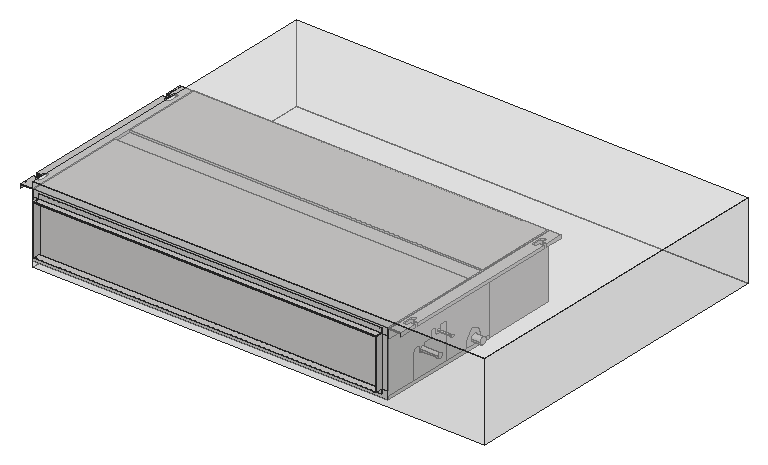
Revit family "outputfile", category 機械設備, Revit 2024
Family settings
  丸型コネクタ寸法 = 半径を使用
  パーツ タイプ = 標準
  OmniClass 番号 = 23.75.10.24.21.27.27
  OmniClass タイトル = Split System Air Conditioning Units
  作業面ベース = いいえ
  常に垂直 = はい
  ロード時にボイドで切り取り = いいえ
  注釈の向きを維持 = いいえ
  共有 = いいえ
  部屋計算ポイント = はい
Parameters (values of type "CDXM60RVMA")
  Description = ""
  書き出し IFC クラス(タイプ) = "IfcUnitaryEquipmentType"
  定義済み IFC タイプ(タイプ) = "AIRCONDITIONINGUNIT"
  Cost = 0
  Type Comments = ""
  Keynote = ""
  Type Image = (empty or 0)
  Assembly Code = ""
  switch_frequency = yes
  ld_powersupply = Depth / 2  # 310.0 mm
  製造元 = "Daikin"
  モデル = "CDXM60RVMA"
  r_Liquid Pipe Size = Liquid Pipe Size / 2  # 3.2 mm
  r_Gas Pipe Size = Gas Pipe Size / 2  # 6.35 mm
  r_Drain Pipe Size = Drain Pipe Size / 2  # 10.0 mm
  lw_powersupply = 50.0 mm  # constant formula
  lw_ductflange2 = 1020.0 mm
  lw_Width = 1060.0 mm
  lh_suctionflange [instance] = 100.0 mm  # constant formula
  ld_suctionflange [instance] = if(Rear Connection_Return Air, 190.0 mm, 100.0 mm)  # 190.0 mm
  connector_voltage = Voltage_50Hz  # 230 V
  connector_powerinput = if([Power Input (Cooling)] > [Power Input (Heating)], [Power Input (Cooling)], [Power Input (Heating)])  # 0.000 kW
  connector_phase = Phase_50Hz  # 1
  angle_vertical_RA [instance] = if(Rear Connection_Return Air, 90.00°, 0.00°)  # 90.00°
  angle horizontal_RA [instance] = if(Rear Connection_Return Air, 180.00°, 270.00°)  # 180.00°
  Voltage_comment_50Hz = "220 - 240"
  Voltage_50Hz = 230 V
  URL = ""
  Supply Air Direction [instance] = yes
  Sound Power Level_H speed (dB) = 0
  Rear Connection_Return Air [instance] = not(Bottom Connection_Return Air)  # yes
  RA_length [instance] = if(Rear Connection_Return Air, 190.0 mm, 100.0 mm)  # 190.0 mm
  Phase_50Hz = 1
  Minimum External Static Pressure = 0.00 Pa
  Minimum Circuit Amps_50Hz = 0.0 A
  Maximum Fuse Amps_50Hz = 0.0 A
  Maximum External Static Pressure = 40.00 Pa
  Material_Casing = DAIKIN_GalvanizedSteel_Casing_indoorunit
  lw_liquidpipe = 46.0 mm  # constant formula
  lw_gaspipe = 57.0 mm  # constant formula
  lw_mountinghole = 1140.0 mm
  lw_drainpipe = 30.0 mm  # constant formula
  lh_powersupply = 150.0 mm  # constant formula
  lh_liquidpipe = 90.0 mm  # constant formula
  lh_gaspipe = 113.0 mm  # constant formula
  lh_mountinghole = Height  # 200.0 mm
  lh_drainpipe = 170.0 mm  # constant formula
  lh_antena = 1.0 mm  # constant formula
  ld_liquidpipe = 193.0 mm  # constant formula
  ld_gaspipe = 130.0 mm  # constant formula
  ld_mountinghole = 500.0 mm  # constant formula
  ld_drainpipe = 330.0 mm  # constant formula
  ld_controlbox = 626.0 mm  # constant formula
  h*** = 0.0 mm  # constant formula
  d_dischargeflange = 21.2 mm  # constant formula
  Width = 1100.0 mm
  Version = "ver.1.0"
  Unit Type = "Duct(L.S.P)"
  Unit Mass Weight = 30.00 kg
  Unit Designation [instance] = ""
  Uniclass2015Version = "Products v1.30"
  Uniclass2015Title = "Split coil room air conditioning units"
  Uniclass2015Code = "Pr_70_65_03_86"
  Total Heating Capacity [instance] = 0.000 kW
  Total Cooling Capacity [instance] = 0.000 kW
  Sound Pressure Level_M speed (dBA) = 36
  Sound Pressure Level_L speed (dBA) = 34
  Sound Pressure Level_H speed (dBA) = 38
  Series = "Multi Split_Fan Coil Unit"
  Sensible Cooling Capacity [instance] = 0.000 kW
  SA Duct Size Width = 1060.0 mm
  SA Duct Size Height = 153.0 mm
  Refrigerant Type = "R32"
  RA Duct Size Width = 980.0 mm
  RA Duct Size Height = 160.0 mm
  Power Input (Heating) = 0.000 kW
  Power Input (Cooling) = 0.000 kW
  Option Accessory 3 [instance] = ""
  Option Accessory 2 [instance] = ""
  Option Accessory 1 [instance] = ""
  Nominal Heating Capacity = 7.300 kW
  Nominal Cooling Capacity = 6.000 kW
  Minimum Airflow = 810.00 m³/h
  Median Airflow = 888.00 m³/h
  Maximum Airflow = 960.00 m³/h
  Load Classification = HVAC
  Liquid Pipe Size = 6.4 mm
  Link_Nested Family [instance] = ""
  IfcVersion = ""
  IfcExportType = "AIRCONDITIONINGUNIT"
  IfcExportAs = "IfcUnitaryEquipmentType"
  Height = 200.0 mm
  Heating Entering Wet Bulb Temperature [instance] = 0.00 °C
  Heating Entering Dry Bulb Temperature [instance] = 0.00 °C
  Heating Ambient Wet Bulb Temperature [instance] = 0.00 °C
  Heating Ambient Dry Bulb Temperature [instance] = 0.00 °C
  Heat Exchanger Type = "Cross Fin Coil"
  Gas Pipe Size = 12.7 mm
  Frequency_50Hz = 50 Hz
  Fan Type = "Sirocco Fan"
  Fan Drive = "Direct Drive"
  FCU Tag No. [instance] = ""
  Drain Pipe Size = 20.0 mm
  Design Supply Airflow [instance] = 0.00 m³/h
  Design Return Airflow [instance] = 0.00 m³/h
  Design External Static Pressure [instance] = 0.00 Pa
  Depth = 620.0 mm
  既定の高さ = 0.0 mm
  Cooling Entering Wet Bulb Temperature [instance] = 0.00 °C
  Cooling Entering Dry Bulb Temperature [instance] = 0.00 °C
  Cooling Ambient Wet Bulb Temperature [instance] = 0.00 °C
  Cooling Ambient Dry Bulb Temperature [instance] = 0.00 °C
  Clearance visibility [instance] = yes
  Clearance Top = 20.0 mm
  Clearance Right = 300.0 mm
  Clearance Rear = 400.0 mm
  Clearance Left = 0.0 mm
  Clearance Front = 0.0 mm
  Clearance Bottom = 20.0 mm
  Bottom Connection_Return Air [instance] = no
Reference planes
  plane 1 "Center (Front/Back)": y = 0
  plane 2: z = 0
  plane 3 "Center (Left/Right)": x = 0
  plane 4 "Back": y = 310
  plane 5 "Front": y = -310
  plane 6 "Left": x = -550
  plane 7 "Right": x = 550
  plane 8 "Top": z = 0
  plane 9 "Bottom": z = -200
  plane 10: x = -570
  plane 11: x = 570
  plane 12: y = 250
  plane 13: z = 0
  plane 14 "Clearance Left": x = -550
  plane 15 "Clearance Right": x = 850
  plane 16 "Clearance Rear": y = 710
  plane 17 "Clearance Front": y = -310
  plane 18 "Clearance Top": z = 20
  plane 19 "Clearance Bottom": z = -220
  plane 20: y = -250
  plane 21: z = -21
  plane 22: z = -97.5
  plane 23: x = -40
  plane 24: y = 120
  plane 25: z = -100
  plane 26: y = -180
  plane 27: z = -113
  plane 28: y = -117
  plane 29: z = -90
  plane 30: y = 20
  plane 31: z = -170
  plane 32: x = 607
  plane 33: x = 596
  plane 34: x = 580
  plane 35: x = 500
  plane 36: z = -150
Forms (mm)
  Extrusion 1, solid, material "DAIKIN_GalvanizedSteel_Casing_indoorunit" <- "Material_Casing"
    sketch origin (0, 0, 0) x (1, 0, 0) y (0, 1, 0)
      loop
        line (-550, -310) -> (550, -310) -> (550, 310) -> (-550, 310) -> (-550, -310)
    from -200 to 0
  Extrusion 2, void
    sketch origin (0, 0, 1) x (1, 0, 0) y (0, 1, 0)
      loop
        line (-550, 61.5) -> (-550, 3.5) -> (550, 3.5) -> (550, 61.5) -> (-550, 61.5)
    from -1 to -7
  Extrusion 3, solid, material "DAIKIN_GalvanizedSteel_Casing_indoorunit" <- "Material_Casing", visible <- "Bottom Connection_Return Air"
    sketch origin (0, 0, 0) x (1, 0, 0) y (0, 0, 1)
      loop
        line (469, -200) -> (469, -1) -> (-549, -1) -> (-549, -200) -> (469, -200)
    from -310 to -309
  Extrusion 4, solid, material "DAIKIN_GalvanizedSteel_Casing_indoorunit" <- "Material_Casing", visible <- "Rear Connection_Return Air"
    sketch origin (0, 0, 0) x (1, 0, 0) y (0, 1, 0)
      loop
        line (-549, 310) -> (-549, 111) -> (469, 111) -> (469, 310) -> (-549, 310)
    from -200 to -199
  Extrusion 5, solid, material "DAIKIN_GalvanizedSteel_Casing_indoorunit" <- "Material_Casing"
    sketch origin (550, 0, 0) x (0, 1, 0) y (0, 0, 1)
      loop
        circle (-180, -113) r 6.35
    from 0 to 57
  Extrusion 6, solid, material "DAIKIN_GalvanizedSteel_Casing_indoorunit" <- "Material_Casing"
    sketch origin (550, 0, 0) x (0, 1, 0) y (0, 0, 1)
      loop
        circle (-117, -90) r 3.2
    from 0 to 46
  Extrusion 7, solid, material "DAIKIN_GalvanizedSteel_Casing_indoorunit" <- "Material_Casing"
    sketch origin (550, 0, 0) x (0, 1, 0) y (0, 0, 1)
      loop
        circle (20, -170) r 10
    from 0 to 30
  Extrusion 8, solid, material "DAIKIN_GalvanizedSteel_Casing_indoorunit" <- "Material_Casing"
    sketch origin (550, 0, 0) x (0, 1, 0) y (0, 0, 1)
      loop
        line (-310, -200) -> (78.6, -200) -> (78.6, -193)
        arc (78.6, -193) -> (77.721, -190.879) -> (75.6, -190) r 3
        line (75.6, -190) -> (-310, -190) -> (-310, -200)
    from 0 to -1
  Extrusion 9, solid, material "DAIKIN_GalvanizedSteel_Casing_indoorunit" <- "Material_Casing"
    sketch origin (550, 0, 0) x (0, 1, 0) y (0, 0, 1)
      loop
        line (-210, -190) -> (-85.6, -190) -> (-85.6, -83)
        arc (-85.6, -83) -> (-86.479, -80.879) -> (-88.6, -80) r 3
        line (-88.6, -80) -> (-102, -80)
        arc (-102, -80) -> (-104.121, -80.879) -> (-105, -83) r 3
        line (-105, -83) -> (-105, -90)
        arc (-105, -90) -> (-117, -102) -> (-129, -90) r 12
        line (-129, -90) -> (-129, -83)
        arc (-129, -83) -> (-129.879, -80.879) -> (-132, -80) r 3
        line (-132, -80) -> (-136.1, -80)
        arc (-136.1, -80) -> (-138.221, -80.879) -> (-139.1, -83) r 3
        line (-139.1, -83) -> (-139.1, -102.7) -> (-165, -102.7)
        arc (-165, -102.7) -> (-167.121, -103.579) -> (-168, -105.7) r 3
        line (-168, -105.7) -> (-168, -113)
        arc (-168, -113) -> (-180, -125) -> (-192, -113) r 12
        line (-192, -113) -> (-192, -105.7)
        arc (-192, -105.7) -> (-192.879, -103.579) -> (-195, -102.7) r 3
        line (-195, -102.7) -> (-207, -102.7)
        arc (-207, -102.7) -> (-209.121, -103.579) -> (-210, -105.7) r 3
        line (-210, -105.7) -> (-210, -190)
    from 0 to -1
  Extrusion 10, solid, material "DAIKIN_GalvanizedSteel_Casing_indoorunit" <- "Material_Casing"
    sketch origin (550, 0, 0) x (0, 1, 0) y (0, 0, 1)
      loop
        arc (44.5, -170) -> (20, -145.5) -> (-4.5, -170) r 24.5
        line (-4.5, -170) -> (-4.5, -190) -> (44.5, -190) -> (44.5, -170)
    from 0 to -1
  Extrusion 11, solid, material "DAIKIN_GalvanizedSteel_Casing_indoorunit" <- "Material_Casing"
    sketch origin (550, 0, 0) x (0, 1, 0) y (0, 0, 1)
      loop
        arc (86.6, -22) -> (84.479, -22.879) -> (83.6, -25) r 3
        line (83.6, -25) -> (83.6, -194.5)
        arc (83.6, -194.5) -> (84.479, -196.621) -> (86.6, -197.5) r 3
        line (86.6, -197.5) -> (307, -197.5)
        arc (307, -197.5) -> (309.121, -196.621) -> (310, -194.5) r 3
        line (310, -194.5) -> (310, -25)
        arc (310, -25) -> (309.121, -22.879) -> (307, -22) r 3
        line (307, -22) -> (86.6, -22)
    from 0 to -1
Cuts and joins
  Extrusion 2 cuts Extrusion 1
Dimensions and locks
  "Height": plane 8 "Top" to plane 9 "Bottom"
  equal spacing: plane 10, plane 3 "Center (Left/Right)", plane 11
  "lw_mountinghole": plane 10 to plane 11
  equal spacing: plane 6 "Left", plane 3 "Center (Left/Right)", plane 7 "Right"
  "Width": plane 6 "Left" to plane 7 "Right"
  "Clearance Right": plane 7 "Right" to plane 15 "Clearance Right"
  "Clearance Left": plane 14 "Clearance Left" to plane 6 "Left"
  "Clearance Rear": plane 16 "Clearance Rear" to plane 4 "Back"
  "Clearance Front": plane 5 "Front" to plane 17 "Clearance Front"
  "Clearance Top": plane 18 "Clearance Top" to plane 8 "Top"
  "Clearance Bottom": plane 9 "Bottom" to plane 19 "Clearance Bottom"
  "Depth": plane 4 "Back" to plane 5 "Front"
  equal spacing: plane 4 "Back", plane 1 "Center (Front/Back)", plane 5 "Front"
  Extrusion 3 sketch curve to Extrusion 3 sketch curve = 199.0 mm
  locked: plane 20 to plane 5 "Front" at 60
  "ld_mountinghole": plane 12 to plane 20
  locked: plane 8 "Top" to plane 21 at 21
  locked: plane 23 to plane 3 "Center (Left/Right)" at 40
  "ld_suctionflange": plane 4 "Back" to plane 24
  "lh_suctionflange": plane 8 "Top" to plane 25
  "ld_gaspipe": plane 26 to plane 5 "Front"
  "lh_gaspipe": plane 8 "Top" to plane 27
  "ld_liquidpipe": plane 28 to plane 5 "Front"
  "lh_liquidpipe": plane 8 "Top" to plane 29
  "ld_drainpipe": plane 30 to plane 5 "Front"
  "lh_drainpipe": plane 8 "Top" to plane 31
  "lw_gaspipe": plane 7 "Right" to plane 32
  "lw_liquidpipe": plane 7 "Right" to plane 33
  "lw_drainpipe": plane 7 "Right" to plane 34
  "lw_powersupply": plane 35 to plane 7 "Right"
  "lh_powersupply": plane 8 "Top" to plane 36
  "r_Gas Pipe Size": radius of Extrusion 5 sketch curve
  "r_Liquid Pipe Size": radius of Extrusion 6 sketch curve
  "r_Drain Pipe Size": radius of Extrusion 7 sketch curve
  aligned and locked: level to plane 2
  aligned and locked: Extrusion 1 to plane 9 "Bottom"
  aligned and locked: plane 8 "Top" to Extrusion 1
  aligned and locked: plane 11 to nested 2
  aligned and locked: plane 10 to nested 3
  aligned and locked: plane 10 to nested 4
  aligned and locked: plane 8 "Top" to Extrusion 2
  aligned and locked: plane 9 "Bottom" to Extrusion 4  (x2)
  aligned and locked: plane 7 "Right" to cut or joined group of Extrusion 1, Extrusion 2  (x2)
  aligned and locked: plane 3 "Center (Left/Right)" to nested 9
  aligned and locked: plane 6 "Left" to nested 7
  aligned and locked: plane 8 "Top" to nested 9
  aligned and locked: plane 11 to nested 1
  aligned and locked: nested 6 to plane 1 "Center (Front/Back)"
  aligned and locked: plane 3 "Center (Left/Right)" to nested 6
  aligned and locked: level to plane 8 "Top"
  aligned and locked: plane 1 "Center (Front/Back)" to nested 9
  aligned and locked: plane 5 "Front" to nested 10
  aligned and locked: Extrusion 1 sketch curve to plane 5 "Front"
  aligned and locked: plane 21 to nested 10
  aligned and locked: nested 5 to plane 5 "Front"
  aligned and locked: plane 3 "Center (Left/Right)" to nested 5
  aligned and locked: plane 22 to nested 5
  aligned and locked: Extrusion 2 sketch curve to plane 6 "Left"
  aligned and locked: plane 7 "Right" to Extrusion 2 sketch curve
  aligned and locked: nested 11 to plane 23
  aligned and locked: nested 11 to plane 24
  aligned and locked: plane 27 to Extrusion 5 sketch curve
  aligned and locked: plane 26 to Extrusion 5 sketch curve
  aligned and locked: plane 28 to Extrusion 6 sketch curve
  aligned and locked: plane 29 to Extrusion 6 sketch curve
  aligned and locked: plane 31 to Extrusion 7 sketch curve
  aligned and locked: plane 30 to Extrusion 7 sketch curve
  aligned and locked: plane 26 to nested 12
  aligned and locked: nested 12 to plane 27
  aligned and locked: plane 32 to Extrusion 5
  aligned and locked: plane 32 to nested 12
  aligned and locked: plane 33 to Extrusion 6
  aligned and locked: plane 28 to nested 13
  aligned and locked: nested 13 to plane 29
  aligned and locked: plane 33 to nested 13
  aligned and locked: plane 34 to Extrusion 7
  aligned and locked: plane 30 to nested 14
  aligned and locked: nested 14 to plane 31
  aligned and locked: plane 34 to nested 14
  aligned and locked: Extrusion 8 sketch curve to plane 9 "Bottom"
  aligned and locked: Extrusion 8 sketch curve to plane 5 "Front"
  aligned and locked: plane 14 "Clearance Left" to nested 15
  aligned and locked: plane 15 "Clearance Right" to nested 15
  aligned and locked: plane 16 "Clearance Rear" to nested 15
  aligned and locked: nested 15 to plane 17 "Clearance Front"
  aligned and locked: nested 15 to plane 18 "Clearance Top"
  aligned and locked: nested 15 to plane 19 "Clearance Bottom"
  aligned and locked: nested 16 to plane 35
  aligned and locked: nested 16 to plane 36
  aligned and locked: plane 4 "Back" to nested 16
Automatic sketch dimensions
  Extrusion 1 sketch curve to plane 4 "Back" = 0.0 mm
  Extrusion 1 sketch curve to plane 6 "Left" = 0.0 mm
  Extrusion 1 sketch curve to plane 7 "Right" = 0.0 mm
  Extrusion 4 sketch curve to plane 4 "Back" = 0.0 mm
  plane 6 "Left" to Extrusion 3 sketch curve = 1.0 mm
  plane 6 "Left" to Extrusion 4 sketch curve = 1.0 mm
  Extrusion 4 sketch curve to plane 1 "Center (Front/Back)" = 111.0 mm
  Extrusion 3 sketch curve to plane 9 "Bottom" = 0.0 mm
  Extrusion 3 sketch curve to plane 7 "Right" = 81.0 mm
  Extrusion 4 sketch curve to plane 7 "Right" = 81.0 mm
  Extrusion 2 sketch curve to plane 1 "Center (Front/Back)" = 3.5 mm
  Extrusion 2 sketch curve to Extrusion 2 sketch curve = 58.0 mm
  plane 9 "Bottom" to Extrusion 8 sketch curve = 7.0 mm
  Extrusion 8 sketch curve to plane 24 = 44.4 mm
  Extrusion 8 sketch curve to Extrusion 8 sketch curve = 3.0 mm
  Extrusion 9 sketch curve to plane 27 = 0.0 mm
  Extrusion 9 sketch curve to plane 26 = 0.0 mm
  Extrusion 9 sketch curve to plane 29 = 0.0 mm
  Extrusion 9 sketch curve to plane 28 = 0.0 mm
  Extrusion 9 sketch curve to plane 26 = 12.0 mm
  Extrusion 9 sketch curve to plane 25 = 2.7 mm  (x2)
  Extrusion 9 sketch curve to Extrusion 9 sketch curve = 3.0 mm  (x6)
  Extrusion 9 sketch curve to Extrusion 9 sketch curve = 12.0 mm
  plane 9 "Bottom" to Extrusion 9 sketch curve = 10.0 mm
  Extrusion 9 sketch curve to plane 26 = 30.0 mm
  Extrusion 9 sketch curve to plane 28 = 22.1 mm
  Extrusion 9 sketch curve to Extrusion 9 sketch curve = 4.1 mm
  plane 29 to Extrusion 9 sketch curve = 7.0 mm  (x2)
  Extrusion 9 sketch curve to Extrusion 9 sketch curve = 13.4 mm
  Extrusion 10 sketch curve to plane 30 = 0.0 mm
  Extrusion 10 sketch curve to plane 31 = 0.0 mm
  plane 1 "Center (Front/Back)" to Extrusion 10 sketch curve = 4.5 mm
  plane 9 "Bottom" to Extrusion 10 sketch curve = 10.0 mm
  Extrusion 11 sketch curve to plane 4 "Back" = 0.0 mm
  Extrusion 11 sketch curve to Extrusion 11 sketch curve = 3.0 mm  (x3)
  Extrusion 11 sketch curve to plane 21 = 1.0 mm
  Extrusion 11 sketch curve to plane 21 = 4.0 mm
  Extrusion 11 sketch curve to plane 24 = 33.4 mm
  plane 9 "Bottom" to Extrusion 11 sketch curve = 5.5 mm
Nested families
  nested 1: "daikin_mountinghole" at (570, 250, -200), l_antenna <- "lh_antena", Link_Nested Family <- "Link_Nested Family", h_mountinghole <- "lh_mountinghole", type "daikin_mountinghole"
    with show yes, l_antenna 1.0 mm, h_mountinghole 200.0 mm, Link_Nested Family ""
  nested 2: "daikin_mountinghole" at (570, -250, -200), Link_Nested Family <- "Link_Nested Family", l_antenna <- "lh_antena", h_mountinghole <- "lh_mountinghole", type "daikin_mountinghole"
    with show yes, l_antenna 1.0 mm, h_mountinghole 200.0 mm, Link_Nested Family ""
  nested 3: "daikin_mountinghole" at (-570, -250, -200), l_antenna <- "lh_antena", Link_Nested Family <- "Link_Nested Family", h_mountinghole <- "lh_mountinghole", type "daikin_mountinghole"
    with show yes, l_antenna 1.0 mm, h_mountinghole 200.0 mm, Link_Nested Family ""
  nested 4: "daikin_mountinghole" at (-570, 250, -200), l_antenna <- "lh_antena", Link_Nested Family <- "Link_Nested Family", h_mountinghole <- "lh_mountinghole", type "daikin_mountinghole"
    with show yes, l_antenna 1.0 mm, h_mountinghole 200.0 mm, Link_Nested Family ""
  nested 5: "daikin_connector_rotate2" at (0, -310, -97.5), length <- "d_dischargeflange", type "daikin_connector_rotate2"
    with radius 10.0 mm, length 21.2 mm, angle_vertical 90.00°, show_face no
  nested 6: "daikin_△_symbolicline" at (-75, -129.904, 200) x (-0.5, 0.866, 0) z (0, 0, 1), built-in parameter 1001364 <- "Height", visible <- "Supply Air Direction", type "daikin_△_symbolicline"
    with length 300.0 mm
  nested 7: "daikin_ductflange_CDXM-RVMA_1" at (-40, 310, -100), visible <- "Rear Connection_Return Air", material <- "Material_Casing", width <- "lw_ductflange2", type "daikin_ductflange_CDXM-RVMA_1"
    with width 1020.0 mm, material DAIKIN_GalvanizedSteel_Casing_indoorunit, height 180.0 mm, depth 21.2 mm
  nested 8: "daikin_ductflange_CDXM-RVMA_1" at (-40, 210, -200) x (1, 0, 0) z (0, 1, 0), visible <- "Bottom Connection_Return Air", material <- "Material_Casing", width <- "lw_ductflange2", type "daikin_ductflange_CDXM-RVMA_1"
    with width 1020.0 mm, material DAIKIN_GalvanizedSteel_Casing_indoorunit, height 180.0 mm, depth 21.2 mm
  nested 9: "daikin_hangerfixture_CDXM-RVMA" at (0, 0, 0), type "daikin_hangerfixture_CDXM-RVMA"
    with width 1100.0 mm
  nested 10: "daikin_ductflange_CDXM-RVMA" at (0, 3.5, -364.201), width <- "lw_Width", material <- "Material_Casing", type "daikin_ductflange_CDXM-RVMA"
    with width 1060.0 mm, material DAIKIN_GalvanizedSteel_Casing_indoorunit, height 155.0 mm, depth 21.2 mm
  nested 11: "daikin_connector_rotate3" at (-40, 120, -100), length <- "RA_length", angle_vertical <- "angle_vertical_RA", angle_horizontal <- "angle horizontal_RA", type "daikin_connector_rotate3"
    with show no, radius 10.0 mm, length 190.0 mm, angle_vertical 90.00°, angle_horizontal 180.00°
  nested 12: "daikin_connector_rotate2" at (550, -180, -113) x (0, 1, 0) z (0, 0, 1), length <- "lw_gaspipe", radius <- "r_Gas Pipe Size", type "daikin_connector_rotate2"
    with radius 6.35 mm, length 57.0 mm, angle_vertical 90.00°, show_face no
  nested 13: "daikin_connector_rotate2" at (550, -117, -90) x (0, 1, 0) z (0, 0, 1), radius <- "r_Liquid Pipe Size", length <- "lw_liquidpipe", type "daikin_connector_rotate2"
    with radius 3.2 mm, length 46.0 mm, angle_vertical 90.00°, show_face no
  nested 14: "daikin_connector_rotate2" at (550, 20, -170) x (0, 1, 0) z (0, 0, 1), radius <- "r_Drain Pipe Size", length <- "lw_drainpipe", type "daikin_connector_rotate2"
    with radius 10.0 mm, length 30.0 mm, angle_vertical 90.00°, show_face no
  nested 15: "daikin_clearancespace" at (150, 200, -99.881), visible <- "Clearance visibility", Link_Nested Family <- "Link_Nested Family", show <- "Clearance visibility", type "daikin_clearancespace"
    with width 1400.0 mm, show yes, height 240.0 mm, depth 1020.0 mm, Link_Nested Family ""
  nested 16: "daikin_connector_rotate2" at (500, 0, -150) x (-1, 0, 0) z (0, 0, 1), length <- "ld_powersupply", type "daikin_connector_rotate2"
    with radius 10.0 mm, length 310.0 mm, angle_vertical 90.00°, show_face no
Connectors
  hvac at (0, -331.2, -97.5), driven by "SA Duct Size Height", driven by "SA Duct Size Width"
    settings: on nested 5, index 1, duct flow 0.00 m³/h, flow factor 0, pres drop 0.00 Pa, loss coef 0, conn angle 0.00°, conn width 1060.0 mm, conn height 153.0 mm, conn diameter 609.6 mm, duct sys type 1, conn prof type 1, flow config 0, flow direction 2, loss method 4, conn ref index -1, conn util no, is conn primary yes, conn desc "SA Duct"
  hvac at (-40, 310, -100), driven by "RA Duct Size Height", driven by "RA Duct Size Width"
    settings: on nested 11, index 2, duct flow 0.00 m³/h, flow factor 0, pres drop 0.00 Pa, loss coef 0, conn angle 0.00°, conn width 980.0 mm, conn height 160.0 mm, conn diameter 609.6 mm, duct sys type 2, conn prof type 1, flow config 0, flow direction 1, loss method 4, conn ref index -1, conn util no, is conn primary no, conn desc "RA Duct"
  piping at (607, -180, -113), diameter 12.7, driven by "r_Gas Pipe Size"
    settings: on nested 12, index 3, connector inside diameter 609.6 mm, connector length 0.0 mm, flow factor 0, pipe flow 0.00 m³/h, pressure drop 0.0 Pa, fitting loss kfactor 0, connector angle 0.00°, fixture units 0, engagement length 0.0 mm, angle of deflection 0.00°, flow configuration 1, flow direction 2, fitting loss method 0, system type 29, joint type 0, gender type 0, connector reference index -1, connector utility 0, adjustable connector no, is connector primary yes, connector description "Refrigerant Gas Piping"
  piping at (596, -117, -90), diameter 6.4, driven by "r_Liquid Pipe Size"
    settings: on nested 13, index 4, connector inside diameter 609.6 mm, connector length 0.0 mm, flow factor 0, pipe flow 0.00 m³/h, pressure drop 0.0 Pa, fitting loss kfactor 0, connector angle 0.00°, fixture units 0, engagement length 0.0 mm, angle of deflection 0.00°, flow configuration 1, flow direction 1, fitting loss method 0, system type 29, joint type 0, gender type 0, connector reference index -1, connector utility 0, adjustable connector no, is connector primary no, connector description "Refrigerant Liquid Piping"
  piping at (580, 20, -170), diameter 20, driven by "r_Drain Pipe Size"
    settings: on nested 14, index 5, connector inside diameter 609.6 mm, connector length 0.0 mm, flow factor 0, pipe flow 0.00 m³/h, pressure drop 0.0 Pa, fitting loss kfactor 0, connector angle 0.00°, fixture units 0, engagement length 0.0 mm, angle of deflection 0.00°, flow configuration 1, flow direction 2, fitting loss method 4, system type 16, joint type 0, gender type 0, connector reference index -1, connector utility 0, adjustable connector no, is connector primary no, connector description "Condensate Drain Piping"
  electrical at (500, 310, -150), driven by "Load Classification", driven by "connector_phase", driven by "connector_voltage", driven by "connector_powerinput"
    settings: on nested 16, index 6, voltage 230 V, apparent load 0 VA, apparent load phase1 0 VA, apparent load phase2 0 VA, apparent load phase3 0 VA, power factor 1, load classification "HVAC", number of poles 1, system type 30, power factor state 1, is connector primary yes, connector utility no, sub classification motor no, connector description "Power Supply"
Definition of nested family "daikin_ductflange_CDXM-RVMA_1"
  Parameters (values of type "daikin_ductflange_CDXM-RVMA_1")
    width [instance] = 620.0 mm
    material [instance] = none
    height [instance] = 180.0 mm
    depth [instance] = 21.2 mm
    Default Elevation = 0.0 mm
  Reference planes
    plane 1 "Center (Front/Back)": y = 0
    plane 2: z = 0
    plane 3 "Center (Left/Right)": x = 0
    plane 4: x = -310
    plane 5: x = 310
    plane 6: z = 90
    plane 7: z = -90
    plane 8: z = 100
    plane 9: z = -100
    plane 10: x = -309
    plane 11: x = 309
  Forms (mm)
    Extrusion 1, solid, material <- "material"
      sketch origin (0, 0, 0) x (1, 0, 0) y (0, 0, 1)
        loop
          line (-290, 80) -> (-290, -80) -> (290, -80) -> (290, 80) -> (-290, 80)
        loop
          line (-309, -99) -> (309, -99) -> (309, 99) -> (-309, 99) -> (-309, -99)
      from 0 to 1
  Dimensions and locks
    equal spacing: plane 5, plane 3 "Center (Left/Right)", plane 4, locked at 310 each
    "width": plane 5 to plane 4
    equal spacing: plane 6, level, plane 7, locked at 90 each
    "height": plane 6 to plane 7
    equal spacing: plane 8, level, plane 9, locked at 100 each
    locked: plane 8 to plane 9 at 200
    plane 10 to plane 4 = 1.0 mm
    locked: plane 5 to plane 11 at 1
    locked: Extrusion 1 sketch curve to Extrusion 1 sketch curve at 19  (x4)
    locked: plane 8 to Extrusion 1 sketch curve at 1
    locked: Extrusion 1 sketch curve to plane 9 at 1
    aligned and locked: level to plane 2
  Automatic sketch dimensions
    plane 4 to Extrusion 1 sketch curve = 1.0 mm
    Extrusion 1 sketch curve to plane 5 = 1.0 mm
Definition of nested family "daikin_hangerfixture_CDXM-RVMA"
  Parameters (values of type "daikin_hangerfixture_CDKS-EAVMA")
    width = 700.0 mm
    material = none
    height = 30.0 mm
    depth = 618.0 mm
    Default Elevation = 0.0 mm
  Reference planes
    plane 1 "Center (Front/Back)": y = 0
    plane 2: z = 0
    plane 3 "Center (Left/Right)": x = 0
    plane 4: x = 350
    plane 5: y = 309
    plane 6: y = -309
    plane 7: x = -350
    plane 8: z = -30
  Forms (mm)
    Extrusion 1, solid, material <- "material"
      sketch origin (0, 0, 0) x (1, 0, 0) y (0, 0, 1)
        loop
          line (350, 0) -> (350, -30) -> (352.3, -30) -> (352.3, -2.3) -> (387.7, -2.3) -> (387.7, -10) -> (390, -10) -> (390, 0) -> (350, 0)
      from -309 to 309
    Extrusion 2, void
      sketch origin (0, 0, 0) x (0, 1, 0) y (0, 0, 1)
        loop
          line (309, -30) -> (309, -17.979) -> (87.935, -17.979) -> (75.914, -30) -> (309, -30)
      from 0 to 450
    Extrusion 3, void
      sketch origin (0, 0, 0) x (1, 0, 0) y (0, 1, 0)
        loop
          line (390, -243.5) -> (377, -243.5) -> (377, -237)
          arc (377, -237) -> (370, -230) -> (363, -237) r 7
          line (363, -237) -> (363, -263)
          arc (363, -263) -> (370, -270) -> (377, -263) r 7
          line (377, -263) -> (377, -256.5) -> (390, -256.5) -> (390, -243.5)
        loop
          line (390, 243.5) -> (390, 256.5) -> (377, 256.5) -> (377, 263)
          arc (377, 263) -> (370, 270) -> (363, 263) r 7
          line (363, 263) -> (363, 237)
          arc (363, 237) -> (370, 230) -> (377, 237) r 7
          line (377, 237) -> (377, 243.5) -> (390, 243.5)
      from -254.96 to 618
    Extrusion 4, solid, material <- "material"
      sketch origin (0, 0, 0) x (-1, 0, 0) y (0, 0, -1)
        loop
          line (350, 0) -> (390, 0) -> (390, 10) -> (387.7, 10) -> (387.7, 2.3) -> (352.3, 2.3) -> (352.3, 30) -> (350, 30) -> (350, 0)
      from -309 to 309
    Extrusion 5, void
      sketch origin (0, 0, 0) x (-1, 0, 0) y (0, -1, 0)
        loop
          line (390, 243.5) -> (390, 256.5) -> (377, 256.5) -> (377, 263)
          arc (377, 263) -> (370, 270) -> (363, 263) r 7
          line (363, 263) -> (363, 237)
          arc (363, 237) -> (370, 230) -> (377, 237) r 7
          line (377, 237) -> (377, 243.5) -> (390, 243.5)
        loop
          line (390, -243.5) -> (377, -243.5) -> (377, -237)
          arc (377, -237) -> (370, -230) -> (363, -237) r 7
          line (363, -237) -> (363, -263)
          arc (363, -263) -> (370, -270) -> (377, -263) r 7
          line (377, -263) -> (377, -256.5) -> (390, -256.5) -> (390, -243.5)
      from -254.96 to 618
  Cuts and joins
    Extrusion 2, Extrusion 3, Extrusion 5 cuts Extrusion 1
    Extrusion 5 cuts Extrusion 4
  Dimensions and locks
    equal spacing: plane 5, plane 1 "Center (Front/Back)", plane 6
    "depth": plane 5 to plane 6
    plane 6 to plane 1 "Center (Front/Back)" to plane 5 = 309.0 mm, 309.0 mm
    equal spacing: plane 4, plane 3 "Center (Left/Right)", plane 7
    "width": plane 4 to plane 7
    "height": level to plane 8
    aligned and locked: level to plane 2
    aligned and locked: plane 5 to Extrusion 1
    aligned and locked: Extrusion 1 to plane 6
    aligned and locked: Extrusion 1 to plane 4
    aligned and locked: plane 5 to cut or joined group of Extrusion 1, Extrusion 2, Extrusion 3, Extrusion 5
    aligned and locked: cut or joined group of Extrusion 1, Extrusion 2, Extrusion 3, Extrusion 5 to plane 6
    aligned and locked: level to cut or joined group of Extrusion 1, Extrusion 2, Extrusion 3, Extrusion 5
    aligned and locked: cut or joined group of Extrusion 1, Extrusion 2, Extrusion 3, Extrusion 5 to plane 8
    aligned and locked: plane 5 to cut or joined group of Extrusion 4, Extrusion 5
    aligned and locked: cut or joined group of Extrusion 4, Extrusion 5 to plane 6
  Automatic sketch dimensions
    Extrusion 1 sketch curve to plane 4 = 0.0 mm
    Extrusion 1 sketch curve to plane 8 = 0.0 mm
    Extrusion 1 sketch curve to level = 0.0 mm
    plane 4 to Extrusion 1 sketch curve = 2.3 mm
    Extrusion 1 sketch curve to level = 2.3 mm
    Extrusion 1 sketch curve to Extrusion 1 sketch curve = 35.4 mm
    Extrusion 1 sketch curve to Extrusion 1 sketch curve = 2.3 mm
    Extrusion 1 sketch curve to Extrusion 1 sketch curve = 7.7 mm
    Extrusion 2 sketch curve to plane 8 = 0.0 mm
    Extrusion 2 sketch curve to plane 5 = 0.0 mm
    plane 8 to Extrusion 2 sketch curve = 12.021 mm
    Extrusion 2 sketch curve to plane 1 "Center (Front/Back)" = 87.935 mm
    Extrusion 2 sketch curve to Extrusion 2 sketch curve = 12.021 mm
    plane 4 to Extrusion 3 sketch curve = 13.0 mm  (x2)
    Extrusion 3 sketch curve to Extrusion 3 sketch curve = 7.0 mm  (x4)
    Extrusion 3 sketch curve to Extrusion 3 sketch curve = 13.0 mm  (x4)
    plane 6 to Extrusion 3 sketch curve = 46.0 mm
    Extrusion 3 sketch curve to Extrusion 3 sketch curve = 6.5 mm  (x4)
    Extrusion 3 sketch curve to plane 5 = 72.0 mm
    Extrusion 4 sketch curve to plane 7 = 0.0 mm
    Extrusion 4 sketch curve to plane 8 = 0.0 mm
    Extrusion 4 sketch curve to level = 0.0 mm
    Extrusion 4 sketch curve to plane 7 = 2.3 mm
    Extrusion 4 sketch curve to level = 2.3 mm
    Extrusion 4 sketch curve to Extrusion 4 sketch curve = 35.4 mm
    Extrusion 4 sketch curve to Extrusion 4 sketch curve = 2.3 mm
    Extrusion 4 sketch curve to Extrusion 4 sketch curve = 7.7 mm
    Extrusion 5 sketch curve to plane 7 = 13.0 mm  (x2)
    Extrusion 5 sketch curve to Extrusion 5 sketch curve = 7.0 mm  (x4)
    Extrusion 5 sketch curve to Extrusion 5 sketch curve = 13.0 mm  (x4)
    Extrusion 5 sketch curve to plane 5 = 46.0 mm
    Extrusion 5 sketch curve to Extrusion 5 sketch curve = 6.5 mm  (x4)
    plane 6 to Extrusion 5 sketch curve = 72.0 mm
Definition of nested family "daikin_ductflange_CDXM-RVMA"
  Parameters (values of type "daikin_ductflange_FXDQ-NDVET")
    width [instance] = 660.0 mm
    material [instance] = none
    height [instance] = 155.0 mm
    depth [instance] = 21.2 mm
    Default Elevation = 0.0 mm
  Reference planes
    plane 1 "Center (Front/Back)": y = 0
    plane 2: z = 189.201
    plane 3 "Center (Left/Right)": x = 0
    plane 4: y = -313.5
    plane 5: x = -330
    plane 6: x = 330
    plane 7: y = -334.7
    plane 8: z = 344.201
    plane 9: z = 266.701
    plane 10: z = 343.201
    plane 11: z = 190.201
  Forms (mm)
    Extrusion 1, solid, material <- "material"
      sketch origin (0, 0, 189.201) x (1, 0, 0) y (0, 1, 0)
        loop
          line (-330, -334.7) -> (-330, -313.5) -> (-350, -313.5) -> (-350, -314.5) -> (-331, -314.5) -> (-331, -334.7) -> (-330, -334.7)
        loop
          line (330, -334.7) -> (331, -334.7) -> (331, -314.5) -> (350, -314.5) -> (350, -313.5) -> (330, -313.5) -> (330, -334.7)
      from 1 to 154
    Extrusion 2, solid, material <- "material"
      sketch origin (0, 0, 0) x (0, 1, 0) y (0, 0, 1)
        loop
          line (-313.5, 343.201) -> (-313.5, 358.201) -> (-314.5, 358.201) -> (-314.5, 344.201) -> (-334.7, 344.201) -> (-334.7, 343.201) -> (-313.5, 343.201)
        loop
          line (-313.5, 190.201) -> (-334.7, 190.201) -> (-334.7, 189.201) -> (-314.5, 189.201) -> (-314.5, 175.201) -> (-313.5, 175.201) -> (-313.5, 190.201)
      from -330 to 330
  Dimensions and locks
    plane 4 to plane 1 "Center (Front/Back)" = 313.5 mm
    "depth": plane 7 to plane 4
    equal spacing: plane 8, plane 9, level
    "height": plane 8 to level
    equal spacing: plane 6, plane 3 "Center (Left/Right)", plane 5
    "width": plane 6 to plane 5
    locked: plane 8 to plane 10 at 1
    locked: plane 11 to level at 1
    locked: Extrusion 1 to Extrusion 2 sketch curve at 1
    locked: Extrusion 2 sketch curve to Extrusion 1 at 1
    plane 10 to plane 11 = 153.0 mm
    aligned and locked: level to plane 2
    aligned and locked: Extrusion 2 to plane 5
    aligned and locked: Extrusion 2 to plane 11
    aligned and locked: Extrusion 2 to plane 10
    aligned and locked: plane 6 to Extrusion 2
    aligned and locked: plane 5 to Extrusion 2  (x2)
    aligned and locked: plane 5 to Extrusion 1  (x2)
    aligned and locked: Extrusion 1 to plane 6
    aligned and locked: plane 6 to Extrusion 1
    aligned and locked: Extrusion 1 to plane 10
  Automatic sketch dimensions
    Extrusion 2 sketch curve to plane 7 = 0.0 mm  (x2)
    Extrusion 2 sketch curve to plane 4 = 0.0 mm  (x2)
    Extrusion 2 sketch curve to plane 11 = 0.0 mm
    Extrusion 2 sketch curve to plane 10 = 0.0 mm
    Extrusion 2 sketch curve to plane 4 = 1.0 mm  (x2)
    Extrusion 2 sketch curve to level = 14.0 mm
    plane 8 to Extrusion 2 sketch curve = 14.0 mm
    Extrusion 1 sketch curve to plane 4 = 0.0 mm  (x2)
    Extrusion 1 sketch curve to plane 7 = 0.0 mm  (x2)
    Extrusion 1 sketch curve to plane 5 = 0.0 mm
    Extrusion 1 sketch curve to plane 6 = 0.0 mm
    Extrusion 1 sketch curve to plane 5 = 1.0 mm
    Extrusion 1 sketch curve to Extrusion 1 sketch curve = 19.0 mm  (x2)
    Extrusion 1 sketch curve to Extrusion 1 sketch curve = 1.0 mm
    Extrusion 1 sketch curve to plane 4 = 1.0 mm  (x2)
Definition of nested family "daikin_clearancespace"
  Parameters (values of type "daikin_clearancespace")
    Description = "daikin_clearancespace"
    width [instance] = 1823.963 mm
    show [instance] = yes
    material = none
    height [instance] = 1359.762 mm
    depth [instance] = 880.0 mm
    Default Elevation = 0.0 mm
    Link_Nested Family [instance] = ""
  Reference planes
    plane 1 "Center (Front/Back)": y = 0
    plane 2 "Center (Elevation)": z = -0.119
    plane 3 "Center (Left/Right)": x = 0
    plane 4: y = 440
    plane 5: y = -440
    plane 6 "Right": x = 911.982
    plane 7 "Left": x = -911.982
    plane 8 "Top": z = 679.762
    plane 9 "Bottom": z = -680
  Forms (mm)
    Extrusion 1, solid, material <- "material", visible <- "show"
      sketch origin (0, 0, 0) x (1, 0, 0) y (0, 1, 0)
        loop
          line (-911.982, 440) -> (-911.982, -440) -> (911.982, -440) -> (911.982, 440) -> (-911.982, 440)
      from -680 to 679.762
  Lines and regions (mm)
    symbolic lines, visible <- "show"
      curve 1: line (911.982, 440, 0) -> (-911.982, 440, 0)
      curve 2: line (-911.982, 440, 0) -> (-911.982, -440, 0)
      curve 3: line (-911.982, -440, 0) -> (911.982, -440, 0)
      curve 4: line (911.982, -440, 0) -> (911.982, 440, 0)
      curve 5: line (911.982, 0, 679.762) -> (-911.982, 0, 679.762)
      curve 6: line (911.982, 0, -680) -> (911.982, 0, 679.762)
      curve 7: line (-911.982, 0, -680) -> (911.982, 0, -680)
      curve 8: line (-911.982, 0, 679.762) -> (-911.982, 0, -680)
      curve 9: line (0, 440, 679.762) -> (0, -440, 679.762)
      curve 10: line (0, -440, 679.762) -> (0, -440, -680)
      curve 11: line (0, 440, -680) -> (0, 440, 679.762)
      curve 12: line (0, -440, -680) -> (0, 440, -680)
  Dimensions and locks
    "width": plane 7 "Left" to plane 6 "Right"
    "depth": plane 4 to plane 5
    "height": plane 8 "Top" to plane 9 "Bottom"
    equal spacing: plane 7 "Left", plane 3 "Center (Left/Right)", plane 6 "Right"
    equal spacing: plane 4, plane 1 "Center (Front/Back)", plane 5
    equal spacing: plane 8 "Top", plane 2 "Center (Elevation)", plane 9 "Bottom"
    aligned and locked: level to plane 2 "Center (Elevation)"
    aligned and locked: Extrusion 1 sketch curve to plane 4
    aligned and locked: plane 7 "Left" to Extrusion 1 sketch curve
    aligned and locked: Extrusion 1 sketch curve to plane 5
    aligned and locked: Extrusion 1 sketch curve to plane 6 "Right"
    aligned and locked: plane 8 "Top" to Extrusion 1
    aligned and locked: curve 1 to Extrusion 1
    aligned and locked: curve 2 to Extrusion 1
    aligned and locked: curve 3 to Extrusion 1
    aligned and locked: curve 4 to Extrusion 1
    aligned and locked: curve 5 to Extrusion 1
    aligned and locked: curve 6 to Extrusion 1
    aligned and locked: curve 7 to Extrusion 1
    aligned and locked: curve 8 to Extrusion 1
    aligned and locked: curve 9 to Extrusion 1
    aligned and locked: curve 10 to Extrusion 1
    aligned and locked: curve 11 to Extrusion 1
    aligned and locked: curve 12 to Extrusion 1
    aligned and locked: Extrusion 1 to plane 9 "Bottom"
Definition of nested family "daikin_mountinghole"
  Parameters (values of type "daikin_mountinghole")
    Default Elevation = 1219.2 mm
    Type Comments = "mountinghole"
    show [instance] = yes
    material = none
    l_centerline = 100.0 mm
    l_antenna [instance] = 100.0 mm
    h_mountinghole [instance] = 0.0 mm
    d_circle = 30.0 mm
    Link_Nested Family [instance] = ""
  Reference planes
    plane 1 "Center (Front/Back)": y = 0
    plane 2: z = 0
    plane 3 "Center (Left/Right)": x = 0
    plane 4: y = 50
    plane 5: x = -50
    plane 6: x = 50
    plane 7: y = -50
    plane 8 "h_mountinghole": z = 0
    plane 9: z = 100
  Lines and regions (mm)
    model lines, detail levels fine
      curve 1: circle (0, 0, 0) r 15 normal (0, 0, 1)
      curve 2: line (-50, 0, 0) -> (50, 0, 0)
      curve 3: line (0, 50, 0) -> (0, -50, 0)
    symbolic lines, detail levels fine
      curve 4: circle (0, 0, 0) r 15 normal (0, 0, 1)
      curve 5: line (-50, 0, 0) -> (50, 0, 0)
      curve 6: line (0, 50, 0) -> (0, -50, 0)
    model lines
      curve 7: line (0, 0, 100) -> (0, 0, 0)
  Dimensions and locks
    equal spacing: plane 4, plane 1 "Center (Front/Back)", plane 7
    "l_centerline": plane 4 to plane 7
    equal spacing: plane 5, plane 3 "Center (Left/Right)", plane 6
    "l_centerline": plane 5 to plane 6
    "l_antenna": plane 9 to plane 8 "h_mountinghole"
    "h_mountinghole": plane 8 "h_mountinghole" to plane 2
    "d_circle": diameter of curve 1
    "d_circle": diameter of curve 4
    aligned and locked: level to plane 2
    aligned and locked: plane 1 "Center (Front/Back)" to curve 1
    aligned and locked: plane 3 "Center (Left/Right)" to curve 1
    aligned and locked: plane 1 "Center (Front/Back)" to curve 2
    aligned and locked: curve 3 to plane 3 "Center (Left/Right)"
    aligned and locked: plane 6 to curve 2
    aligned and locked: plane 5 to curve 2
    aligned and locked: plane 4 to curve 3
    aligned and locked: plane 7 to curve 3
    aligned and locked: plane 1 "Center (Front/Back)" to curve 4
    aligned and locked: plane 3 "Center (Left/Right)" to curve 4
    aligned and locked: plane 6 to curve 5
    aligned and locked: plane 5 to curve 5
    aligned and locked: plane 1 "Center (Front/Back)" to curve 5
    aligned and locked: plane 4 to curve 6
    aligned and locked: plane 7 to curve 6
    aligned and locked: curve 6 to plane 3 "Center (Left/Right)"
    aligned and locked: curve 7 to plane 3 "Center (Left/Right)"
    aligned and locked: plane 9 to curve 7
    aligned and locked: plane 8 "h_mountinghole" to curve 7
Definition of nested family "daikin_connector_rotate2"
  Parameters (values of type "daikin_connector_rotate2")
    show_face = yes
    radius [instance] = 10.0 mm
    length [instance] = 600.0 mm
    d_surface = 10.0 mm
    angle_vertical [instance] = 90.00°
    Default Elevation = 0.0 mm
  Reference planes
    plane 1 "Center (Front/Back)": y = 0
    plane 2: z = 0
    plane 3 "Center (Left/Right)": x = 0
  Forms (mm)
    Extrusion 1, solid, visible <- "show_face"
      sketch origin (0, -600, 0) x (1, 0, 0) y (0, 0, 1)
        loop
          circle (0, 0) r 10
      from 0 to -10
  Lines and regions (mm)
    reference lines
      curve 1: line (0, 0, 0) -> (0, -600, 0)
    symbolic lines
      curve 2: circle (0, 0, 0) r 5 normal (0, 0, 1)
    model lines, visible <- "show_face"
      curve 3: line (0, 0, 0) -> (0, -600, 0)
  Dimensions and locks
    "length": curve 1 to curve 1
    "length": curve 3 to curve 3
    "d_surface": Extrusion 1 to Extrusion 1
    "radius": radius of Extrusion 1 sketch curve
    "angle_vertical": angle curve 1 to plane 1 "Center (Front/Back)"
    "angle_vertical": angle curve 3 to plane 1 "Center (Front/Back)"
    aligned and locked: level to plane 2
    aligned and locked: plane 1 "Center (Front/Back)" to curve 1
    aligned and locked: plane 2 to curve 1
    aligned and locked: plane 1 "Center (Front/Back)" to curve 2
    aligned and locked: plane 3 "Center (Left/Right)" to curve 2
    aligned and locked: plane 1 "Center (Front/Back)" to curve 3
    aligned and locked: plane 2 to curve 3
    aligned and locked: Extrusion 1 to Extrusion 1
  Automatic sketch dimensions
    Extrusion 1 sketch curve to level = 0.0 mm
    Extrusion 1 sketch curve to plane 3 "Center (Left/Right)" = 0.0 mm
    radius of curve 2 = 5.0 mm
Definition of nested family "daikin_△_symbolicline"
  Parameters (values of type "daikin_△_symbolicline")
    length [instance] = 500.0 mm
    Default Elevation = 0.0 mm
  Reference planes
    plane 1 "Center (Front/Back)": y = 0
    plane 2: z = 0
    plane 3 "Center (Left/Right)": x = 0
  Lines and regions (mm)
    symbolic lines
      curve 1: line (0, -433.013, 0) -> (250, 0, 0)
      curve 2: line (250, 0, 0) -> (-250, 0, 0)
      curve 3: line (-250, 0, 0) -> (0, -433.013, 0)
  Dimensions and locks
    equal spacing: curve 3, plane 3 "Center (Left/Right)", curve 2
    "length": curve 3 to curve 2
    "length": curve 3 to curve 3
    "length": curve 1 to curve 1
    aligned and locked: level to plane 2
    aligned and locked: curve 2 to plane 1 "Center (Front/Back)"
    aligned and locked: plane 3 "Center (Left/Right)" to curve 3
Definition of nested family "daikin_connector_rotate3"
  Parameters (values of type "daikin_connector_rotate3")
    Default Elevation = 1219.2 mm
    show [instance] = yes
    radius [instance] = 10.0 mm
    length [instance] = 600.0 mm
    angle_horizontal [instance] = 60.00°
    angle_vertical [instance] = 90.00°
  Reference planes
    plane 1 "Center (Front/Back)": y = 0
    plane 2: z = 0
    plane 3 "Center (Left/Right)": x = 0
  Dimensions and locks
    "angle_horizontal": angle plane 3 "Center (Left/Right)" to nested 1
    aligned and locked: level to plane 2
    aligned and locked: plane 1 "Center (Front/Back)" to nested 1  (x2)
    aligned and locked: plane 3 "Center (Left/Right)" to nested 1
  Nested families
    nested 1: "daikin_connector_rotate2" at (0, 0, 0) x (0.5, 0.866, 0) z (0, 0, 1), angle_vertical <- "angle_vertical", length <- "length", radius <- "radius", type "daikin_connector_rotate2"
      with radius 10.0 mm, length 600.0 mm, angle_vertical 90.00°
  Definition of nested family "daikin_connector_rotate2"
    Parameters (values of type "daikin_connector_rotate2")
      show_face = yes
      radius [instance] = 10.0 mm
      length [instance] = 600.0 mm
      d_surface = 10.0 mm
      angle_vertical [instance] = 90.00°
      Default Elevation = 0.0 mm
    Reference planes
      plane 1 "Center (Front/Back)": y = 0
      plane 2: z = 0
      plane 3 "Center (Left/Right)": x = 0
    Forms (mm)
      Extrusion 1, solid, visible <- "show_face"
        sketch origin (0, -600, 0) x (1, 0, 0) y (0, 0, 1)
          loop
            circle (0, 0) r 10
        from 0 to -10
    Lines and regions (mm)
      reference lines
        curve 1: line (0, 0, 0) -> (0, -600, 0)
      symbolic lines
        curve 2: circle (0, 0, 0) r 5 normal (0, 0, 1)
      model lines, visible <- "show_face"
        curve 3: line (0, 0, 0) -> (0, -600, 0)
    Dimensions and locks
      "length": curve 1 to curve 1
      "length": curve 3 to curve 3
      "d_surface": Extrusion 1 to Extrusion 1
      "radius": radius of Extrusion 1 sketch curve
      "angle_vertical": angle curve 1 to plane 1 "Center (Front/Back)"
      "angle_vertical": angle curve 3 to plane 1 "Center (Front/Back)"
      aligned and locked: level to plane 2
      aligned and locked: plane 1 "Center (Front/Back)" to curve 1
      aligned and locked: plane 2 to curve 1
      aligned and locked: plane 1 "Center (Front/Back)" to curve 2
      aligned and locked: plane 3 "Center (Left/Right)" to curve 2
      aligned and locked: plane 1 "Center (Front/Back)" to curve 3
      aligned and locked: plane 2 to curve 3
      aligned and locked: Extrusion 1 to Extrusion 1
    Automatic sketch dimensions
      Extrusion 1 sketch curve to level = 0.0 mm
      Extrusion 1 sketch curve to plane 3 "Center (Left/Right)" = 0.0 mm
      radius of curve 2 = 5.0 mm
